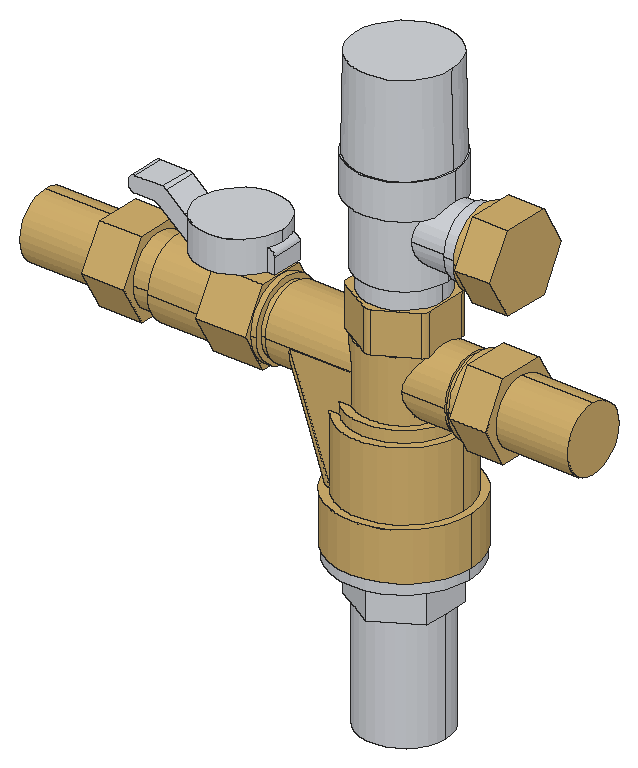
Revit family
Parameters (values of type "KHN3.226")
  URL = "http://www.autospec.co.za/browse.php?id=1644179288"
  Radius of Pipe = Diameter of Pipe / 2  # 11 mm
  Product Code = "KHN3.226"
  Pressure Rating = 600 kPa
  OmniClass Title = ""
  OmniClass Number = ""
  Modspec Classification = ""
  Specification = ""
  Male Connection Radius = Male Connection Diameter / 2  # 10 mm
  Male Connection Diameter = 20 mm
  Location (revit room) = ""
  Model = "Pressure Control Multi Valve With Male Connection KHN3.226"
  Manufacturer = "Kwikot"  # constant formula
  Material = DZR Brass
  Diameter of Pipe = 22 mm
  Colour = none
  Body Finish = none
  Assembly Code = "D2090800"
Reference planes
  plane 1 "Center (Front/Back)": y = 0
  plane 2: z = 0
  plane 3 "Center (Left/Right)": x = 0
  plane 4: z = -100
  plane 5: z = 88
  plane 6: z = -65
  plane 7: x = 13
  plane 8: x = -13
  plane 9: z = -49.4
  plane 10: z = -34.4
  plane 11: z = -52.865
  plane 12: z = -12.9
  plane 13: z = -9.4
  plane 14: z = 9.6
  plane 15: z = 22.1
  plane 16: z = 28.1
  plane 17: z = 49
  plane 18: z = 60
  plane 19: x = 21.5
  plane 20: x = -34.5
  plane 21: x = 36.5
  plane 22: x = -54
  plane 23: x = 23.5
  plane 24: x = 25.5
  plane 25: x = -36.5
  plane 26: x = -38.5
  plane 27: z = 42
  plane 28: x = 38
  plane 29: x = 27
  plane 30: x = -70.5
  plane 31: x = -76.5
  plane 32: x = -89.5
  plane 33: x = -51
  plane 34: x = -26.5
Forms (mm)
  Extrusion 1, solid, detail levels fine
    sketch origin (-440, -1524, -100) x (-1, 0, 0) y (0, -1, 0)
      loop
        circle (-440, -1524) r 13
    from 0 to 35
  Extrusion 2, solid, detail levels fine
    sketch origin (-440, -1524, -65) x (-1, 0, 0) y (0, -1, 0)
      loop
        line (-453, -1531.506) -> (-440, -1539.011) -> (-427, -1531.506) -> (-427, -1516.494) -> (-440, -1508.989) -> (-453, -1516.494) -> (-453, -1531.506)
    from 0 to 12.135
  Extrusion 3, solid, detail levels fine
    sketch origin (-20.969, -1524, -52.865) x (-1, 0, 0) y (0, -1, 0)
      loop
        circle (-20.969, -1524) r 20.5
    from 0 to 3.465
  Extrusion 4, solid, material "DZR Brass" <- "Material", detail levels fine
    sketch origin (-165.612, -1524, -49.4) x (-1, 0, 0) y (0, -1, 0)
      loop
        circle (-165.612, -1524) r 21
    from 0 to 15
  Extrusion 5, solid, material "DZR Brass" <- "Material", detail levels fine
    sketch origin (0, 0, 0) x (0, 1, 0) y (0, 0, 1)
      loop
        circle (0, 0) r 11
    from 21.5 to -34.5
  Extrusion 6, solid, material "DZR Brass" <- "Material", detail levels fine
    sketch origin (-165.612, -1524, -34.4) x (-1, 0, 0) y (0, -1, 0)
      loop
        circle (-165.612, -1524) r 18.5
    from 0 to 21.5
  Extrusion 7, solid, material "DZR Brass" <- "Material", detail levels fine
    sketch origin (-60.699, -1524, -12.9) x (-1, 0, 0) y (0, -1, 0)
      loop
        circle (-60.699, -1524) r 16
    from 0 to 3.5
  Extrusion 8, solid, material "DZR Brass" <- "Material", detail levels fine
    sketch origin (-60.699, -1524, -9.4) x (-1, 0, 0) y (0, -1, 0)
      loop
        circle (-60.699, -1524) r 13.5
    from 0 to 19
  Blend 9, solid, material "DZR Brass" <- "Material", detail levels fine
    base sketch origin (-60.699, -1524, -9.4) x (-1, 0, 0) y (0, -1, 0)
      loop
        arc (-33.817, -1535) -> (-31.165, -1533.403) -> (-31.338, -1530.311) r 3
        arc (-31.338, -1530.311) -> (-29.942, -1523.999) -> (-31.332, -1517.686) r 15
        arc (-31.332, -1517.686) -> (-31.163, -1514.596) -> (-33.814, -1513) r 3
        line (-33.814, -1513) -> (-55.873, -1513) -> (-55.873, -1535) -> (-33.817, -1535)
    top sketch origin (-60.699, -1524, -9.4) x (-1, 0, 0) y (0, -1, 0)
      loop
        line (-55.873, -1535) -> (-46.266, -1535)
        arc (-46.266, -1535) -> (-44.698, -1534.558) -> (-43.592, -1533.361) r 3
        arc (-43.592, -1533.361) -> (-41.199, -1524) -> (-43.592, -1514.639) r 19.5
        arc (-43.592, -1514.639) -> (-44.698, -1513.442) -> (-46.266, -1513) r 3
        line (-46.266, -1513) -> (-55.873, -1513) -> (-55.873, -1535)
    from 9.4 to -25.5
  Extrusion 10, solid, material "DZR Brass" <- "Material", detail levels fine
    sketch origin (-60.699, -1524, 9.6) x (-1, 0, 0) y (0, -1, 0)
      loop
        line (-72.699, -1532.083) -> (-61.699, -1538.434)
        arc (-61.699, -1538.434) -> (-60.699, -1538.702) -> (-59.699, -1538.434) r 2
        line (-59.699, -1538.434) -> (-48.699, -1532.083)
        arc (-48.699, -1532.083) -> (-47.967, -1531.351) -> (-47.699, -1530.351) r 2
        line (-47.699, -1530.351) -> (-47.699, -1517.649)
        arc (-47.699, -1517.649) -> (-47.967, -1516.649) -> (-48.699, -1515.917) r 2
        line (-48.699, -1515.917) -> (-59.699, -1509.566)
        arc (-59.699, -1509.566) -> (-60.699, -1509.298) -> (-61.699, -1509.566) r 2
        line (-61.699, -1509.566) -> (-72.699, -1515.917)
        arc (-72.699, -1515.917) -> (-73.431, -1516.649) -> (-73.699, -1517.649) r 2
        line (-73.699, -1517.649) -> (-73.699, -1530.351)
        arc (-73.699, -1530.351) -> (-73.431, -1531.351) -> (-72.699, -1532.083) r 2
    from 0 to 12.5
  Extrusion 11, solid, detail levels fine
    sketch origin (-60.699, -1524, 22.1) x (-1, 0, 0) y (0, -1, 0)
      loop
        circle (-60.699, -1524) r 12.2
    from 0 to 6
  Extrusion 12, solid, detail levels fine
    sketch origin (-60.699, -1524, 28.1) x (-1, 0, 0) y (0, -1, 0)
      loop
        circle (-60.699, -1524) r 13.5
    from 0 to 20.9
  Extrusion 13, solid, detail levels fine
    sketch origin (-60.699, -1524, 49) x (-1, 0, 0) y (0, -1, 0)
      loop
        circle (-60.699, -1524) r 16
    from 0 to 11
  Blend 14, solid, detail levels fine
    base sketch origin (-60.699, -1524, 60) x (-1, 0, 0) y (0, -1, 0)
      loop
        circle (-60.699, -1524) r 15.5
    top sketch origin (-60.699, -1524, 60) x (-1, 0, 0) y (0, -1, 0)
      loop
        circle (-60.699, -1524) r 15
    from 0 to 28
  Extrusion 15, solid, material "DZR Brass" <- "Material", detail levels fine
    sketch origin (21.5, -1524, -21.263) x (0, 0, -1) y (0, -1, 0)
      loop
        circle (-21.263, -1524) r 10.5
    from 0 to -2
  Extrusion 16, solid, material "DZR Brass" <- "Material", detail levels fine
    sketch origin (-34.5, -1524, -21.263) x (0, 0, -1) y (0, -1, 0)
      loop
        circle (-21.263, -1524) r 10.5
    from 0 to 2
  Extrusion 17, solid, material "DZR Brass" <- "Material", detail levels fine
    sketch origin (21.5, -1524, -21.263) x (0, 0, -1) y (0, -1, 0)
      loop
        circle (-21.263, -1524) r 12
    from -2 to -4
  Extrusion 18, solid, material "DZR Brass" <- "Material", detail levels fine
    sketch origin (-34.5, -1524, -21.263) x (0, 0, -1) y (0, -1, 0)
      loop
        circle (-21.263, -1524) r 12
    from 2 to 4
  Extrusion 19, solid, material "DZR Brass" <- "Material", detail levels fine
    sketch origin (25.5, -1524, -21.263) x (0, 0, -1) y (0, -1, 0)
      loop
        line (-9.263, -1517.072) -> (-21.263, -1510.144) -> (-33.263, -1517.072) -> (-33.263, -1530.928) -> (-21.263, -1537.856) -> (-9.263, -1530.928) -> (-9.263, -1517.072)
    from 0 to -11
  Extrusion 20, solid, material "DZR Brass" <- "Material", detail levels fine
    sketch origin (-38.5, -1524, -21.263) x (0, 0, -1) y (0, -1, 0)
      loop
        line (-33.263, -1517.072) -> (-33.263, -1530.928) -> (-21.263, -1537.856) -> (-9.263, -1530.928) -> (-9.263, -1517.072) -> (-21.263, -1510.144) -> (-33.263, -1517.072)
    from 0 to 15.5
  Extrusion 21, solid, detail levels fine
    sketch origin (0, 0, 0) x (0, 1, 0) y (0, 0, 1)
      loop
        circle (0, 42) r 9.5
    from 0 to 20.8
  Extrusion 22, solid, detail levels fine
    sketch origin (0, 0, 0) x (0, 1, 0) y (0, 0, 1)
      loop
        circle (0, 42) r 10.45
    from 20.8 to 25
  Extrusion 23, solid, material "DZR Brass" <- "Material", detail levels fine
    sketch origin (0, 0, 0) x (0, 1, 0) y (0, 0, 1)
      loop
        circle (0, 42) r 12
    from 25 to 27
  Extrusion 24, solid, material "DZR Brass" <- "Material", detail levels fine
    sketch origin (38, -1524, 66.867) x (0, 0, 1) y (0, -1, 0)
      loop
        line (-12.867, -1517.072) -> (-24.867, -1510.144) -> (-36.867, -1517.072) -> (-36.867, -1530.928) -> (-24.867, -1537.856) -> (-12.867, -1530.928) -> (-12.867, -1517.072)
    from 0 to -11
  Extrusion 25, solid, material "DZR Brass" <- "Material", detail levels fine
    sketch origin (-54, -1524, -24.693) x (0, 0, -1) y (0, -1, 0)
      loop
        circle (-24.693, -1524) r 12
    from 0 to 16.5
  Extrusion 26, solid, material "DZR Brass" <- "Material", detail levels fine
    sketch origin (-70.5, -1524, -24.693) x (0, 0, -1) y (0, -1, 0)
      loop
        circle (-24.693, -1524) r 10.5
    from 0 to 6
  Extrusion 27, solid, material "DZR Brass" <- "Material", detail levels fine
    sketch origin (-76.5, -1524, -152.224) x (0, 0, -1) y (0, -1, 0)
      loop
        line (-164.224, -1530.928) -> (-152.224, -1537.856) -> (-140.224, -1530.928) -> (-140.224, -1517.072) -> (-152.224, -1510.144) -> (-164.224, -1517.072) -> (-164.224, -1530.928)
    from 0 to 13
  Extrusion 28, solid, material "DZR Brass", detail levels fine
    sketch origin (0, 0, 0) x (1, 0, 0) y (0, 1, 0)
      loop
        circle (-51, 0) r 8.25
    from 12 to 14.461
  Extrusion 29, solid, detail levels fine
    sketch origin (0, 0, 0) x (1, 0, 0) y (0, 1, 0)
      loop
        circle (-51, 0) r 13
    from 14.461 to 24.5
  Extrusion 30, solid, detail levels fine
    sketch origin (0, 0, 0) x (1, 0, 0) y (0, 0, 1)
      loop
        line (-38.5, 21.385) -> (-63.155, 21.385)
        arc (-63.155, 21.385) -> (-63.841, 21.506) -> (-64.443, 21.855) r 2
        line (-64.443, 21.855) -> (-70.117, 26.63)
        arc (-70.117, 26.63) -> (-70.719, 26.979) -> (-71.405, 27.1) r 2
        line (-71.405, 27.1) -> (-80.111, 27.1)
        arc (-80.111, 27.1) -> (-81.525, 26.514) -> (-82.111, 25.1) r 2
        line (-82.111, 25.1) -> (-82.111, 24.1)
        arc (-82.111, 24.1) -> (-81.525, 22.686) -> (-80.111, 22.1) r 2
        line (-80.111, 22.1) -> (-73.806, 22.1)
        arc (-73.806, 22.1) -> (-73.12, 21.979) -> (-72.518, 21.63) r 2
        line (-72.518, 21.63) -> (-64, 14.461) -> (-36.5, 14.461) -> (-36.5, 19.385)
        arc (-36.5, 19.385) -> (-37.086, 20.799) -> (-38.5, 21.385) r 2
    from -5 to 5
  Extrusion 31, solid, material "DZR Brass" <- "Material", detail levels fine
    sketch origin (36.5, -1524, -21.263) x (0, 0, -1) y (0, -1, 0)
      loop
        circle (-21.263, -1524) r 10
    from 0 to -22.5
  Extrusion 32, solid, material "DZR Brass" <- "Material", detail levels fine
    sketch origin (-89.5, -1524, -152.224) x (0, 0, -1) y (0, -1, 0)
      loop
        circle (-152.224, -1524) r 10
    from 0 to 22.5
Cuts and joins
  joined: Extrusion 11, Extrusion 12, Extrusion 13, Blend 14, Extrusion 21, Extrusion 22
  joined: Extrusion 1, Extrusion 2, Extrusion 3
  joined: Extrusion 5, Extrusion 10, Extrusion 15, Extrusion 16, Extrusion 17, Extrusion 18, Extrusion 19, Extrusion 20, Extrusion 25, Extrusion 26, Extrusion 27, Extrusion 31, Extrusion 32
  joined: Extrusion 4, Extrusion 6, Extrusion 7, Extrusion 8, Blend 9
  joined: Extrusion 23, Extrusion 24
Lines and regions (mm)
  model lines
    curve 1: line (-26.5, 0, 0) -> (-26.5, 40, 0)
    curve 2: line (-41.5, 40, 0) -> (-11.5, 40, 0)
    curve 3: line (-112, 0, 0) -> (-70.5, 0, 0)
    curve 4: line (59, 0, 0) -> (17.5, 0, 0)
    curve 5: arc (-41.5, 40, 0) -> (-26.5, 46.771, 0) -> (-11.5, 40, 0) r 20
    curve 6: line (-70.5, -13.856, 0) -> (-70.5, 13.856, 0)
    curve 7: line (-70.5, 13.856, 0) -> (17.5, -13.856, 0)
    curve 8: line (-70.5, -13.856, 0) -> (17.5, 13.856, 0)
    curve 9: line (17.5, 13.856, 0) -> (17.5, -13.856, 0)
    curve 10: line (-26.5, 46.771, 0) -> (-26.5, 61.771, 0)
    curve 11: line (-26.5, 61.771, 0) -> (31.103, 61.771, 0)
    curve 12: line (31.103, 61.771, 0) -> (31.103, 0, 0)
Dimensions and locks
  level to plane 4 = 100 mm
  plane 6 to plane 4 = 35 mm
  plane 8 to plane 7 = 26 mm
  plane 3 "Center (Left/Right)" to plane 19 = 21.5 mm
  plane 20 to plane 19 = 56 mm
  plane 3 "Center (Left/Right)" to plane 21 = 36.5 mm
  plane 22 to plane 3 "Center (Left/Right)" = 54 mm
  plane 27 to plane 2 = 42 mm
  plane 28 to plane 3 "Center (Left/Right)" = 38 mm
  plane 28 to plane 29 = 11 mm
  plane 29 to plane 3 "Center (Left/Right)" = 27 mm
  plane 5 to level = 88 mm
  plane 3 "Center (Left/Right)" to plane 33 = 51 mm
  equal spacing: Blend 9 sketch curve, plane 1 "Center (Front/Back)", Blend 9 sketch curve
  "Radius of Pipe": plane 1 "Center (Front/Back)" to Blend 9 sketch curve
  plane 20 to Blend 9 sketch curve = 3.743 mm
  plane 20 to Blend 9 sketch curve = 15 mm
  radius of Extrusion 1 sketch curve = 13 mm
  "Radius of Pipe": radius of Extrusion 5 sketch curve
  radius of Extrusion 21 sketch curve = 9.5 mm
  radius of Extrusion 23 sketch curve = 12 mm
  radius of Extrusion 22 sketch curve = 10.45 mm
  radius of Extrusion 28 sketch curve = 8.25 mm
  radius of Blend 9 sketch curve = 15 mm
  radius of Blend 9 sketch curve = 3 mm  (x4)
  radius of Blend 9 sketch curve = 19.5 mm
  "Male Connection Radius": radius of Extrusion 31 sketch curve
  aligned and locked: level to plane 2
  aligned and locked: plane 6 to Extrusion 1
  aligned and locked: Extrusion 1 to plane 4
  aligned and locked: plane 11 to Extrusion 2
  aligned and locked: Extrusion 2 to plane 6
  aligned and locked: plane 9 to Extrusion 3
  aligned and locked: Extrusion 3 to Extrusion 2
  aligned and locked: plane 10 to Extrusion 4
  aligned and locked: Extrusion 4 to plane 9
  aligned and locked: plane 12 to Extrusion 6
  aligned and locked: Extrusion 6 to plane 10
  aligned and locked: plane 13 to Extrusion 7
  aligned and locked: Extrusion 7 to plane 12
  aligned and locked: plane 14 to Extrusion 8
  aligned and locked: Extrusion 8 to Extrusion 7
  aligned and locked: plane 15 to Extrusion 10
  aligned and locked: Extrusion 10 to Extrusion 8
  aligned and locked: plane 16 to Extrusion 11
  aligned and locked: Extrusion 11 to plane 15
  aligned and locked: plane 17 to Extrusion 12
  aligned and locked: Extrusion 12 to plane 16
  aligned and locked: plane 18 to Extrusion 13
  aligned and locked: Extrusion 13 to plane 17
  aligned and locked: plane 5 to Blend 14
  aligned and locked: Blend 14 to plane 18
  aligned and locked: plane 20 to Extrusion 5
  aligned and locked: Extrusion 5 to plane 19
  aligned: Extrusion 16 sketch curve to Extrusion 15
  aligned and locked: Extrusion 16 sketch curve to Extrusion 15
  aligned and locked: Extrusion 17 to Extrusion 15
  aligned: Extrusion 18 sketch curve to Extrusion 17
  aligned and locked: Extrusion 18 sketch curve to Extrusion 17
  aligned and locked: Extrusion 15 to plane 23
  aligned and locked: plane 23 to Extrusion 17
  aligned and locked: Extrusion 17 to plane 24
  aligned and locked: plane 25 to Extrusion 16
  aligned and locked: Extrusion 18 to Extrusion 16
  aligned and locked: plane 26 to Extrusion 18
  aligned and locked: Extrusion 19 to Extrusion 17
  aligned and locked: Extrusion 19 to plane 21
  aligned and locked: plane 22 to Extrusion 20
  aligned and locked: Extrusion 20 to Extrusion 18
  aligned and locked: plane 1 "Center (Front/Back)" to Extrusion 21 sketch curve
  aligned and locked: plane 27 to Extrusion 21 sketch curve
  aligned and locked: plane 27 to Extrusion 22 sketch curve
  aligned and locked: plane 1 "Center (Front/Back)" to Extrusion 22 sketch curve
  aligned and locked: plane 27 to Extrusion 23 sketch curve
  aligned and locked: plane 1 "Center (Front/Back)" to Extrusion 23 sketch curve
  aligned and locked: plane 29 to Extrusion 23
  aligned and locked: plane 28 to Extrusion 24
  aligned and locked: Extrusion 24 to plane 29
  aligned and locked: Extrusion 25 sketch curve to cut or joined group 1 (Extrusion 5, Extrusion 10, Extrusion 15, Extrusion 16, Extrusion 17, Extrusion 18, Extrusion 19, Extrusion 20, Extrusion 25, Extrusion 26, Extrusion 27, Extrusion 31, Extrusion 32)  (x2)
  aligned and locked: plane 30 to Extrusion 25
  aligned and locked: Extrusion 25 to plane 22
  aligned and locked: Extrusion 26 sketch curve to cut or joined group 1  (x2)
  aligned and locked: Extrusion 27 to plane 31
  aligned and locked: plane 32 to Extrusion 27
  aligned and locked: Extrusion 26 to plane 30
  aligned and locked: plane 31 to Extrusion 26
  aligned and locked: Extrusion 25 to Extrusion 26
  aligned and locked: Extrusion 25 to cut or joined group 1
  aligned and locked: plane 33 to Extrusion 28 sketch curve
  aligned and locked: plane 1 "Center (Front/Back)" to Extrusion 28 sketch curve
  aligned and locked: Extrusion 28 to cut or joined group 1
  aligned and locked: plane 33 to Extrusion 29 sketch curve
  aligned and locked: plane 1 "Center (Front/Back)" to Extrusion 29 sketch curve
  aligned and locked: Extrusion 29 to Extrusion 28
  aligned and locked: Extrusion 30 sketch curve to Extrusion 29
  aligned and locked: Blend 9 sketch curve to var sketch  (x2)
  aligned and locked: var sketch to Blend 9 sketch curve
  aligned and locked: level to Extrusion 31 sketch curve
  aligned and locked: plane 1 "Center (Front/Back)" to Extrusion 31 sketch curve
  aligned and locked: Extrusion 32 sketch curve to cut or joined group 1  (x2)
  aligned and locked: curve 3 to cut or joined group 1
  aligned and locked: curve 6 to plane 30
Automatic sketch dimensions
  plane 1 "Center (Front/Back)" to Extrusion 1 sketch curve = 0 mm
  Extrusion 1 sketch curve to plane 3 "Center (Left/Right)" = 0 mm
  Extrusion 2 sketch curve to plane 7 = 0 mm
  Extrusion 2 sketch curve to plane 3 "Center (Left/Right)" = 0 mm  (x2)
  Extrusion 2 sketch curve to plane 8 = 0 mm
  Extrusion 2 sketch curve to plane 1 "Center (Front/Back)" = 15.011 mm
  Extrusion 2 sketch curve to plane 1 "Center (Front/Back)" = 7.506 mm  (x2)
  plane 1 "Center (Front/Back)" to Extrusion 2 sketch curve = 7.506 mm  (x2)
  Extrusion 2 sketch curve to Extrusion 2 sketch curve = 7.506 mm
  plane 1 "Center (Front/Back)" to Extrusion 3 sketch curve = 0 mm
  Extrusion 3 sketch curve to plane 3 "Center (Left/Right)" = 0 mm
  plane 1 "Center (Front/Back)" to Extrusion 4 sketch curve = 0 mm
  Extrusion 4 sketch curve to plane 3 "Center (Left/Right)" = 0 mm
  Extrusion 5 sketch curve to level = 0 mm
  Extrusion 5 sketch curve to plane 1 "Center (Front/Back)" = 0 mm
  plane 1 "Center (Front/Back)" to Extrusion 6 sketch curve = 0 mm
  Extrusion 6 sketch curve to plane 3 "Center (Left/Right)" = 0 mm
  plane 1 "Center (Front/Back)" to Extrusion 7 sketch curve = 0 mm
  Extrusion 7 sketch curve to plane 3 "Center (Left/Right)" = 0 mm
  plane 1 "Center (Front/Back)" to Extrusion 8 sketch curve = 0 mm
  Extrusion 8 sketch curve to plane 3 "Center (Left/Right)" = 0 mm
  Extrusion 10 sketch curve to plane 7 = 0 mm
  Extrusion 10 sketch curve to plane 3 "Center (Left/Right)" = 0 mm  (x2)
  Extrusion 10 sketch curve to plane 8 = 0 mm
  plane 7 to Extrusion 10 sketch curve = 1 mm  (x2)
  Extrusion 10 sketch curve to Extrusion 10 sketch curve = 2 mm  (x2)
  plane 3 "Center (Left/Right)" to Extrusion 10 sketch curve = 1 mm  (x2)
  Extrusion 10 sketch curve to plane 3 "Center (Left/Right)" = 1 mm  (x2)
  Extrusion 10 sketch curve to plane 8 = 2 mm  (x2)
  Extrusion 10 sketch curve to plane 8 = 1 mm  (x2)
  Extrusion 10 sketch curve to plane 1 "Center (Front/Back)" = 14.434 mm
  Extrusion 10 sketch curve to Extrusion 10 sketch curve = 1.732 mm  (x2)
  Extrusion 10 sketch curve to plane 1 "Center (Front/Back)" = 8.083 mm  (x2)
  plane 1 "Center (Front/Back)" to Extrusion 10 sketch curve = 6.351 mm  (x2)
  Extrusion 10 sketch curve to Extrusion 10 sketch curve = 6.351 mm
  plane 1 "Center (Front/Back)" to Extrusion 11 sketch curve = 0 mm
  Extrusion 11 sketch curve to plane 3 "Center (Left/Right)" = 0 mm
  plane 1 "Center (Front/Back)" to Extrusion 12 sketch curve = 0 mm
  Extrusion 12 sketch curve to plane 3 "Center (Left/Right)" = 0 mm
  plane 1 "Center (Front/Back)" to Extrusion 13 sketch curve = 0 mm
  Extrusion 13 sketch curve to plane 3 "Center (Left/Right)" = 0 mm
  plane 1 "Center (Front/Back)" to Blend 14 sketch curve = 0 mm  (x2)
  Blend 14 sketch curve to plane 3 "Center (Left/Right)" = 0 mm  (x2)
  Extrusion 15 sketch curve to level = 0 mm
  Extrusion 15 sketch curve to plane 1 "Center (Front/Back)" = 0 mm
  Extrusion 17 sketch curve to level = 0 mm
  Extrusion 17 sketch curve to plane 1 "Center (Front/Back)" = 0 mm
  Extrusion 19 sketch curve to level = 0 mm  (x2)
  plane 14 to Extrusion 19 sketch curve = 2.4 mm
  plane 12 to Extrusion 19 sketch curve = 0.9 mm
  Extrusion 19 sketch curve to plane 1 "Center (Front/Back)" = 13.856 mm
  Extrusion 19 sketch curve to plane 1 "Center (Front/Back)" = 6.928 mm  (x2)
  plane 1 "Center (Front/Back)" to Extrusion 19 sketch curve = 6.928 mm  (x2)
  plane 1 "Center (Front/Back)" to Extrusion 19 sketch curve = 13.856 mm
  Extrusion 20 sketch curve to level = 0 mm  (x2)
  plane 14 to Extrusion 20 sketch curve = 2.4 mm
  plane 12 to Extrusion 20 sketch curve = 0.9 mm
  Extrusion 20 sketch curve to plane 1 "Center (Front/Back)" = 13.856 mm
  Extrusion 20 sketch curve to plane 1 "Center (Front/Back)" = 6.928 mm  (x2)
  plane 1 "Center (Front/Back)" to Extrusion 20 sketch curve = 6.928 mm  (x2)
  Extrusion 20 sketch curve to Extrusion 20 sketch curve = 6.928 mm
  Extrusion 30 sketch curve to plane 15 = 0 mm
  plane 26 to Extrusion 30 sketch curve = 0 mm
  plane 25 to Extrusion 30 sketch curve = 0 mm
  Extrusion 30 sketch curve to plane 15 = 0.715 mm
  Extrusion 30 sketch curve to plane 30 = 7.345 mm
  Extrusion 30 sketch curve to plane 30 = 6.5 mm
  Extrusion 30 sketch curve to plane 15 = 0.245 mm
  Extrusion 30 sketch curve to Extrusion 30 sketch curve = 1.288 mm  (x2)
  Extrusion 30 sketch curve to plane 30 = 0.383 mm
  plane 30 to Extrusion 30 sketch curve = 0.905 mm
  Extrusion 30 sketch curve to plane 15 = 0.47 mm
  plane 30 to Extrusion 30 sketch curve = 2.018 mm
  plane 31 to Extrusion 30 sketch curve = 3.611 mm  (x2)
  Extrusion 30 sketch curve to plane 16 = 1 mm
  Extrusion 30 sketch curve to Extrusion 30 sketch curve = 2 mm  (x2)
  Blend 9 sketch curve to plane 3 "Center (Left/Right)" = 4.825 mm
  plane 34 to Blend 9 sketch curve = 0.381 mm
  plane 34 to Blend 9 sketch curve = 0.385 mm
  plane 1 "Center (Front/Back)" to Blend 9 sketch curve = 0.007 mm
  plane 1 "Center (Front/Back)" to Blend 9 sketch curve = 0 mm
  Blend 9 sketch curve to Blend 9 sketch curve = 0 mm  (x2)
  curve 5 to plane 34 = 0 mm
  curve 11 to plane 34 = 0 mm
  curve 1 to plane 34 = 0 mm
  plane 1 "Center (Front/Back)" to curve 12 = 0 mm
  plane 1 "Center (Front/Back)" to curve 1 = 0 mm
  plane 32 to curve 3 = 22.5 mm
  plane 26 to curve 5 = 3 mm
  plane 19 to curve 9 = 4 mm
  plane 29 to curve 11 = 4.103 mm
  plane 28 to curve 4 = 21 mm
  curve 6 to curve 3 = 13.856 mm
  curve 7 to curve 4 = 13.856 mm
  curve 6 to plane 1 "Center (Front/Back)" = 13.856 mm
  curve 1 to curve 5 = 26.771 mm
  curve 5 to curve 2 = 13.229 mm
  curve 5 to curve 11 = 21.771 mm
  radius of Extrusion 3 sketch curve = 20.5 mm
  radius of Extrusion 4 sketch curve = 21 mm
  radius of Extrusion 6 sketch curve = 18.5 mm
  radius of Extrusion 7 sketch curve = 16 mm
  radius of Extrusion 8 sketch curve = 13.5 mm
  radius of Extrusion 11 sketch curve = 12.2 mm
  radius of Extrusion 12 sketch curve = 13.5 mm
  radius of Extrusion 13 sketch curve = 16 mm
  radius of Blend 14 sketch curve = 15.5 mm
  radius of Blend 14 sketch curve = 15 mm
  radius of Extrusion 15 sketch curve = 10.5 mm
  radius of Extrusion 17 sketch curve = 12 mm
  radius of Extrusion 29 sketch curve = 13 mm
Connectors
  piping at (59, 0, 0), driven by "Radius of Pipe"
    settings: on cut or joined group 1, index 1, connector radius 11 mm, flow factor 0, pipe flow 0.0 L/s, pressure drop 0 kPa, fitting loss kfactor 0, connector angle 0.00°, fixture units 0, flow configuration 0, flow direction 2, fitting loss method 0, system type 29, connector reference index 2, connector utility 0, adjustable connector yes, is connector primary no, fitting loss table "", connector description "Pipe Connector"
  piping at (-112, 0, 0), driven by "Radius of Pipe"
    settings: on cut or joined group 1, index 2, connector radius 11 mm, flow factor 0, pipe flow 0.0 L/s, pressure drop 0 kPa, fitting loss kfactor 0, connector angle 0.00°, fixture units 0, flow configuration 0, flow direction 1, fitting loss method 0, system type 29, connector reference index 1, connector utility 0, adjustable connector yes, is connector primary yes, fitting loss table "", connector description "Pipe Connector"
  piping at (38, 0, 42), driven by "Radius of Pipe"
    settings: on cut or joined group of Extrusion 23, Extrusion 24, index 3, connector radius 11 mm, flow factor 0, pipe flow 0.0 L/s, pressure drop 0 kPa, fitting loss kfactor 0, connector angle 0.00°, fixture units 0, flow configuration 0, flow direction 2, fitting loss method 0, system type 29, connector reference index -1, connector utility 0, adjustable connector yes, is connector primary no, fitting loss table "", connector description "Pipe Connector"
